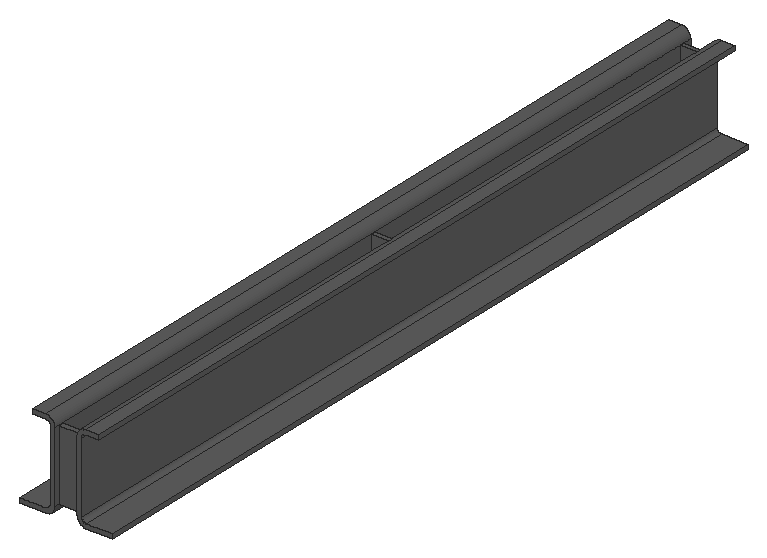
Revit family "EV_ORMA WALER 0,9_1900193", category Generic Models, Revit 2018
Family settings
  Can host rebar = No
  Round Connector Dimension = Use Diameter
  Part Type = Normal
  OmniClass Number = 35.51.14.00
  OmniClass Title = FORMWORK
  Work Plane-Based = Yes
  Always vertical = No
  Cut with Voids When Loaded = No
  Shared = Yes
  Room Calculation Point = No
Parameters (values of type "EV_ORMA WALER 0,9_1900193")
  VERSION = "20190101"  # constant formula
  URL = "www.ulmaconstruction.com/en"
  UNICLASS = ""
  ITEM_CODE = "1900193"
  Manufacturer = "ULMA CONSTRUCTION"  # constant formula
  FILTER [instance] = ""
  Default Elevation = 0.000 mm
  CLASSIFICATION_TITLE = ""
  CLASSIFICATION_NUMBER = ""
Reference planes
  plane 1 "Centro (Frontal/Posterior)": y = 0
  plane 2: z = 0
  plane 3 "Centro (Izquierda/Derecha)": x = 0
  plane 4 "END": y = 450
  plane 5 "START": y = -450
Forms (mm)
  Extrusion 1, solid, material "ULMA BLACK", detail levels fine
    sketch origin (0, 0, 0) x (1, 0, 0) y (0, 0, 1)
      loop
        line (-37.5, 100) -> (-37.5, 95) -> (-22.5, 95)
        arc (-22.5, 95) -> (-18.964, 93.536) -> (-17.5, 90) r 5
        line (-17.5, 90) -> (-17.5, 10)
        arc (-17.5, 10) -> (-18.964, 6.464) -> (-22.5, 5) r 5
        line (-22.5, 5) -> (-52.5, 5) -> (-52.5, 0) -> (-22.5, 0)
        arc (-22.5, 0) -> (-15.429, 2.929) -> (-12.5, 10) r 10
        line (-12.5, 10) -> (-12.5, 90)
        arc (-12.5, 90) -> (-15.429, 97.071) -> (-22.5, 100) r 10
        line (-22.5, 100) -> (-37.5, 100)
      loop
        line (37.5, 100) -> (22.5, 100)
        arc (22.5, 100) -> (15.429, 97.071) -> (12.5, 90) r 10
        line (12.5, 90) -> (12.5, 10)
        arc (12.5, 10) -> (15.429, 2.929) -> (22.5, 0) r 10
        line (22.5, 0) -> (52.5, 0) -> (52.5, 5) -> (22.5, 5)
        arc (22.5, 5) -> (18.964, 6.464) -> (17.5, 10) r 5
        line (17.5, 10) -> (17.5, 90)
        arc (17.5, 90) -> (18.964, 93.536) -> (22.5, 95) r 5
        line (22.5, 95) -> (37.5, 95) -> (37.5, 100)
    from -450 to 450
  Extrusion 2, solid, material "ULMA BLACK", detail levels fine
    sketch origin (0, 0, 0) x (1, 0, 0) y (0, 1, 0)
      loop
        line (-12.5, -439.75) -> (-12.5, -444.75) -> (12.5, -444.75) -> (12.5, -439.75) -> (-12.5, -439.75)
    from 10 to 90
  Extrusion 3, solid, material "ULMA BLACK", detail levels fine
    sketch origin (0, 250, 0) x (1, 0, 0) y (0, 1, 0)
      loop
        line (-12.5, -247.5) -> (-12.5, -252.5) -> (12.5, -252.5) -> (12.5, -247.5) -> (-12.5, -247.5)
    from 10 to 90
  Extrusion 4, solid, material "ULMA BLACK", detail levels fine
    sketch origin (0, -250, 0) x (1, 0, 0) y (0, 1, 0)
      loop
        line (-12.5, 689.5) -> (-12.5, 684.5) -> (12.5, 684.5) -> (12.5, 689.5) -> (-12.5, 689.5)
    from 10 to 90
  Extrusion 5, solid, material "ULMA BLACK", detail levels coarse+medium
    sketch origin (0, 0, 0) x (1, 0, 0) y (0, 0, 1)
      loop
        line (-52.5, 0) -> (52.5, 0) -> (52.5, 100) -> (-52.5, 100) -> (-52.5, 0)
    from -450 to 450
Dimensions and locks
  locked: plane 4 "END" to plane 5 "START" at 900
  aligned and locked: level to plane 2
  aligned and locked: plane 4 "END" to Extrusion 1
  aligned and locked: Extrusion 1 to plane 5 "START"
  aligned and locked: Extrusion 5 to Extrusion 1  (x2)
